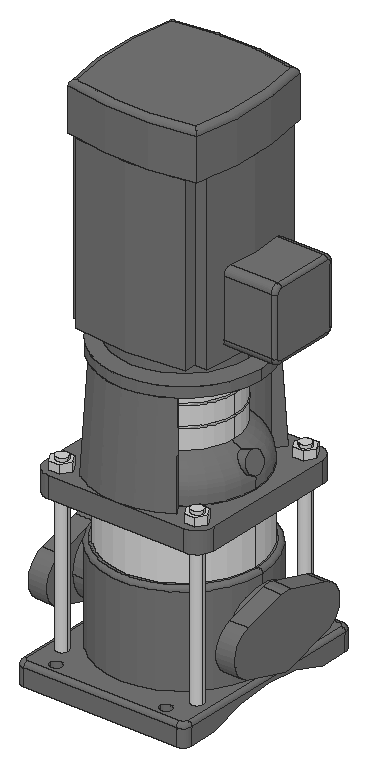
Revit family "TESK_Насос вертикальный с овальными фланцами_SVMT-10", category Оборудование, Revit 2019
Family settings
  Размер круглого соединителя = Использовать диаметр
  Классификация = Насос
  Тип детали = Вставляется
  На основе рабочей плоскости = Нет
  Всегда вертикально = Да
  При загрузке вырезать с полостями = Нет
  Общий = Нет
  Точка расчета площади = Нет
Parameters (values of type "Загрузите каталог типоразмеров TXT")
  Таблица_Поиска = "TESK_SVMT-10 ОФ"  # constant formula
  Производитель_Контакты = "info@teskpump.ru"
  Напор максимальный = 0
  Материал_КорпусУлитка = TESK_Черный_Условный
  Материал_КорпусДвигателя = TESK_Черный_Ребра_Условный
  Материал_2 = TESK_Нержавеющая сталь
  Материал_1 = TESK_Черный_Условный
  Длина_ВспомЛиния = 30 mm  # constant formula
  Высота_Перехода = size_lookup(Таблица_Поиска, "A5", 130 mm, ADSK_Марка)  # 130 mm
  Высота_Корпуса = size_lookup(Таблица_Поиска, "A1", 347 mm, ADSK_Марка)  # 347 mm
  Watermark [instance] = "Модели защищены уникальным кодом"
  URL = "www.teskpump.ru"
  ADSK_Свободный напор жидкости [instance] = 0.0 Pa
  ADSK_Расход жидкости [instance] = 0.0 L/s
  ADSK_Полная мощность = ADSK_Номинальная мощность * ADSK_Коэффициент мощности  # 0 kVA
  ADSK_Номинальная мощность = size_lookup(Таблица_Поиска, "Pow", 0 kW, ADSK_Марка)  # 0 kW
  ADSK_Напряжение = 400 V
  ADSK_Наименование краткое = "Вертикальный многоступенчатый центробежный насос"  # constant formula
  ADSK_Наименование = size_lookup(Таблица_Поиска, "Name", "Не найдено: Насос TESK SVMT-10", ADSK_Марка)  # "Не найдено: Насос TESK SVMT-10"
  ADSK_Масса_Текст = size_lookup(Таблица_Поиска, "mass_t", "Не найдено: Насос TESK SVMT-10", ADSK_Марка)  # "Не найдено: Насос TESK SVMT-10"
  ADSK_Масса = size_lookup(Таблица_Поиска, "mass", 0, ADSK_Марка)  # 0
  ADSK_Марка = "Загрузите каталог типоразмеров TXT"
  ADSK_Коэффициент мощности = 1
  ADSK_Количество фаз числовое = ADSK_Количество фаз  # 3
  ADSK_Количество фаз = if(ADSK_Напряжение = 230 V, 1, 3)  # 3
  ADSK_Количество = 1  # constant formula
  ADSK_Код изделия = size_lookup(Таблица_Поиска, "code", "Не найдено: Насос TESK SVMT-10", ADSK_Марка)  # "Не найдено: Насос TESK SVMT-10"
  ADSK_Классификация нагрузок = Прочее
  ADSK_Завод-изготовитель = "TESK"  # constant formula
  ADSK_Единица измерения = "шт."  # constant formula
  ADSK_Диаметр условный = 40 mm  # constant formula
  ADSK_Версия семейства = "1.0"  # constant formula
  ADSK_Версия Revit = "2019"  # constant formula
  Фланец_Толщина = 22 mm  # constant formula
  УГО_Длина = 244 mm  # constant formula
  Двигатель_Ширина = size_lookup(Таблица_Поиска, "A3", 170 mm, ADSK_Марка)  # 170 mm
  Двигатель_ОтступКоробки = size_lookup(Таблица_Поиска, "A4", 142 mm, ADSK_Марка)  # 142 mm
  Двигатель_Высота = size_lookup(Таблица_Поиска, "A2", 280 mm, ADSK_Марка)  # 280 mm
Reference planes
  plane 1 "По центру (Вперед/Назад)": y = 0
  plane 2: z = 0
  plane 3 "По центру (Влево/Вправо)": x = 0
  plane 4: x = -122
  plane 5: x = 122
  plane 6: x = -100
  plane 7: x = 100
  plane 8: z = -80
  plane 9: z = 267
  plane 10: z = -55
  plane 11: x = -85
  plane 12: z = 137
  plane 13: x = -50
  plane 14: z = 137
  plane 15: z = 112
  plane 16: x = -100
  plane 17: y = 100
  plane 18: x = 100
  plane 19: y = -100
  plane 20: z = 255
  plane 21: z = 182
  plane 22: x = -58
  plane 23: x = -60
  plane 24: z = 206.333
  plane 25: z = 230.667
  plane 26: z = 231.667
  plane 27: z = 229.667
  plane 28: z = 207.333
  plane 29: z = 205.333
  plane 30: z = 250
  plane 31: x = -85
  plane 32: x = -100
  plane 33: x = -92
  plane 34: x = -80
  plane 35: x = 80
  plane 36: y = -80
  plane 37: y = 80
  plane 38: z = 150
  plane 39: x = -100
  plane 40: x = 100
  plane 41: y = 123.5
  plane 42: y = -123.5
  plane 43: x = -65
  plane 44: x = 65
  plane 45: y = -107.5
  plane 46: y = 107.5
  plane 47: z = 40
  plane 48: z = 55
  plane 49: x = -85
  plane 50: x = -93
  plane 51: x = -80
  plane 52: x = 80
  plane 53: y = 80
  plane 54: y = -80
  plane 55: z = 55
  plane 56: z = -60
  plane 57: x = 95
  plane 58: x = 100
  plane 59: x = 85
  plane 60: x = 100
  plane 61: x = 92
  plane 62: z = 188.387
  plane 63: x = -100
  plane 64: x = 100
  plane 65: y = -80
  plane 66: y = 80
  plane 67: x = 55
  plane 68: z = 157
Forms (mm)
  Extrusion 1, solid, material "TESK_Черный_Условный" <- "Материал_КорпусУлитка", detail levels fine
    sketch origin (0, 0, 0) x (0, 1, 0) y (0, 0, 1)
      loop
        circle (0, 0) r 40
    from -100 to 100
  Revolve 2, solid, material "TESK_Черный_Условный" <- "Материал_1", detail levels fine
    sketch origin (0, 0, 0) x (1, 0, 0) y (0, 0, 1)
      loop
        line (0, 255) -> (-50, 255) -> (-50, 188.387)
        spline (-50, 188.387) -> (-51.902, 181.379) -> (-55.88, 179.278) -> (-60.634, 177.07) -> (-65.428, 174.293) -> (-69.591, 171.327) -> (-72.964, 168.449) -> (-75.78, 165.646) -> (-78.487, 162.259) -> (-80.986, 158.355) -> (-82.903, 154.12) -> (-84.356, 148.192) -> (-85, 137)
        line (-85, 137) -> (-85, 112) -> (0, 112) -> (0, 255)
      axis (0, 112) -> (0, 255)
    angle from 0 to 360
  Extrusion 3, solid, material "TESK_Черный_Условный" <- "Материал_1", detail levels fine
    sketch origin (0, 0, 0) x (1, 0, 0) y (0, 1, 0)
      loop
        line (-100, 80) -> (-100, -80)
        arc (-100, -80) -> (-94.142, -94.142) -> (-80, -100) r 20
        line (-80, -100) -> (80, -100)
        arc (80, -100) -> (94.142, -94.142) -> (100, -80) r 20
        line (100, -80) -> (100, 80)
        arc (100, 80) -> (94.142, 94.142) -> (80, 100) r 20
        line (80, 100) -> (-80, 100)
        arc (-80, 100) -> (-94.142, 94.142) -> (-100, 80) r 20
    from 112 to 137
  Revolve 4, solid, material "TESK_Нержавеющая сталь" <- "Материал_2", detail levels fine
    sketch origin (0, 0, 0) x (1, 0, 0) y (0, 0, 1)
      loop
        line (-60, 250) -> (-60, 231.667)
        arc (-60, 231.667) -> (-61, 230.667) -> (-60, 229.667) r 1
        line (-60, 229.667) -> (-60, 207.333)
        arc (-60, 207.333) -> (-61, 206.333) -> (-60, 205.333) r 1
        line (-60, 205.333) -> (-60, 182) -> (-58, 182) -> (-58, 250) -> (-60, 250)
      axis (0, 182) -> (0, 250)
    angle from 0 to 360
  Extrusion 5, solid, material "TESK_Черный_Условный" <- "Материал_1", detail levels fine
    sketch origin (0, 0, 0) x (1, 0, 0) y (0, 1, 0)
      loop
        circle (0, 0) r 92
    from 255 to 267
  Revolve 6, solid, material "TESK_Черный_Условный" <- "Материал_1", detail levels fine
    sketch origin (0, 0, 0) x (1, 0, 0) y (0, 0, 1)
      loop
        line (-85, 255) -> (-92, 255) -> (-100, 137) -> (-85, 137) -> (-85, 255)
      axis (0, 137) -> (0, 255)
    angle from 125 to 55
  Extrusion 7, solid, material "TESK_Нержавеющая сталь" <- "Материал_2", detail levels fine
    sketch origin (0, 0, 0) x (1, 0, 0) y (0, 1, 0)
      loop
        circle (-80, 80) r 7
      loop
        circle (80, 80) r 7
      loop
        circle (-80, -80) r 7
      loop
        circle (80, -80) r 7
    from -55 to 150
  Extrusion 8, solid, material "TESK_Черный_Условный" <- "Материал_1", detail levels fine
    sketch origin (0, 0, 0) x (1, 0, 0) y (0, 1, 0)
      loop
        arc (-90, 123.5) -> (-97.071, 120.571) -> (-100, 113.5) r 10
        line (-100, 113.5) -> (-100, -113.5)
        arc (-100, -113.5) -> (-97.071, -120.571) -> (-90, -123.5) r 10
        line (-90, -123.5) -> (90, -123.5)
        arc (90, -123.5) -> (97.071, -120.571) -> (100, -113.5) r 10
        line (100, -113.5) -> (100, 113.5)
        arc (100, 113.5) -> (97.071, 120.571) -> (90, 123.5) r 10
        line (90, 123.5) -> (-90, 123.5)
    from -80 to -55
  Extrusion 9, void
    sketch origin (0, 0, 0) x (1, 0, 0) y (0, 1, 0)
      loop
        circle (-65, 107.5) r 7
      loop
        circle (65, 107.5) r 7
      loop
        circle (-65, -107.5) r 7
      loop
        circle (65, -107.5) r 7
    from -80 to -55
  Revolve 10, solid, material "TESK_Черный_Условный" <- "Материал_КорпусУлитка", detail levels fine
    sketch origin (0, 0, 0) x (1, 0, 0) y (0, 0, 1)
      loop
        line (-93, -55) -> (0, -55) -> (0, 55) -> (-88, 55)
        arc (-88, 55) -> (-91.536, 53.536) -> (-93, 50) r 5
        line (-93, 50) -> (-93, -55)
      axis (0, -55) -> (0, 55)
    angle from 0 to 360
  Extrusion 11, solid, material "TESK_Нержавеющая сталь" <- "Материал_2", detail levels fine
    sketch origin (0, 0, 0) x (1, 0, 0) y (0, 1, 0)
      loop
        circle (0, 0) r 85
    from 55 to 112
  Sweep 12, void
    path in 3D
      loop
        arc (100, 113.5, -55) -> (97.071, 120.571, -55) -> (90, 123.5, -55) r 10
        line (90, 123.5, -55) -> (-90, 123.5, -55)
        arc (-90, 123.5, -55) -> (-97.071, 120.571, -55) -> (-100, 113.5, -55) r 10
        line (-100, 113.5, -55) -> (-100, -113.5, -55)
        arc (-100, -113.5, -55) -> (-97.071, -120.571, -55) -> (-90, -123.5, -55) r 10
        line (-90, -123.5, -55) -> (90, -123.5, -55)
        arc (90, -123.5, -55) -> (97.071, -120.571, -55) -> (100, -113.5, -55) r 10
        line (100, -113.5, -55) -> (100, 113.5, -55)
    profile origin (100, 0, -55) x (-1, 0, 0) y (0, 0, 1)
      loop
        line (5, 0) -> (0, 0) -> (0, -5)
        arc (0, -5) -> (1.464, -1.464) -> (5, 0) r 5
  Revolve 13, solid, material "TESK_Черный_Условный" <- "Материал_1", detail levels fine
    sketch origin (0, 0, 0) x (-1, 0, 0) y (0, 0, 1)
      loop
        line (-85, 255) -> (-92, 255) -> (-100, 137) -> (-85, 137) -> (-85, 255)
      axis (0, 137) -> (0, 255)
    angle from -125 to -55
  Extrusion 14, void
    sketch origin (0, 0, 0) x (0, 1, 0) y (0, 0, 1)
      loop
        line (-80, -80) -> (80, -80)
        arc (80, -80) -> (0, -63.303) -> (-80, -80) r 200
    from 100 to -100
  Extrusion 15, solid, material "TESK_Черный_Условный" <- "Материал_КорпусУлитка", detail levels fine
    sketch origin (0, 0, 0) x (0, 1, 0) y (0, 0, 1)
      loop
        line (-7.28, 41.486) -> (-56.312, 27.273)
        arc (-56.312, 27.273) -> (-77.26, 0) -> (-56.312, -27.273) r 28.228
        line (-56.312, -27.273) -> (-7.28, -41.486)
        arc (-7.28, -41.486) -> (0, -42.441) -> (7.28, -41.486) r 28.228
        line (7.28, -41.486) -> (56.312, -27.273)
        arc (56.312, -27.273) -> (77.26, 0) -> (56.312, 27.273) r 28.228
        line (56.312, 27.273) -> (7.28, 41.486)
        arc (7.28, 41.486) -> (0, 42.441) -> (-7.28, 41.486) r 28.228
    from 100 to 122
  Extrusion 16, solid, material "TESK_Черный_Условный" <- "Материал_КорпусУлитка", detail levels fine
    sketch origin (0, 0, 0) x (0, 1, 0) y (0, 0, 1)
      loop
        line (-7.28, 41.486) -> (-56.312, 27.273)
        arc (-56.312, 27.273) -> (-77.26, 0) -> (-56.312, -27.273) r 28.228
        line (-56.312, -27.273) -> (-7.28, -41.486)
        arc (-7.28, -41.486) -> (0, -42.441) -> (7.28, -41.486) r 28.228
        line (7.28, -41.486) -> (56.312, -27.273)
        arc (56.312, -27.273) -> (77.26, 0) -> (56.312, 27.273) r 28.228
        line (56.312, 27.273) -> (7.28, 41.486)
        arc (7.28, 41.486) -> (0, 42.441) -> (-7.28, 41.486) r 28.228
    from -100 to -122
  Sweep 17, solid, material "TESK_Черный_Условный" <- "Материал_1", detail levels fine
    path in 3D
      loop
        line (55, 0, 157) -> (83.978, 0, 164.765)
    profile origin (69.489, 0, 160.882) x (-0.258819, 0, 0.965926) y (0, -1, 0)
      loop
        circle (0, 0) r 12.65
Cuts and joins
  Extrusion 9, Sweep 12, Extrusion 14 cuts Extrusion 8
Lines and regions (mm)
  sketch lines
    curve 1: line (100, -113.5, -55) -> (100, 113.5, -55)
    curve 2: arc (90, 123.5, -55) -> (97.071, 120.571, -55) -> (100, 113.5, -55) r 10
    curve 3: line (90, 123.5, -55) -> (-90, 123.5, -55)
    curve 4: arc (-100, 113.5, -55) -> (-97.071, 120.571, -55) -> (-90, 123.5, -55) r 10
    curve 5: line (-100, 113.5, -55) -> (-100, -113.5, -55)
    curve 6: arc (-90, -123.5, -55) -> (-97.071, -120.571, -55) -> (-100, -113.5, -55) r 10
    curve 7: line (-90, -123.5, -55) -> (90, -123.5, -55)
    curve 8: arc (100, -113.5, -55) -> (97.071, -120.571, -55) -> (90, -123.5, -55) r 10
    curve 10: line (55, 0, 157) -> (83.978, 0, 164.765)
  reference lines
    curve 9: line (55, 0, 157) -> (83.978, 0, 164.765)
Dimensions and locks
  locked: plane 3 "По центру (Влево/Вправо)" to plane 4 at 122
  locked: plane 5 to plane 3 "По центру (Влево/Вправо)" at 122
  locked: plane 2 to plane 8 at 80
  locked: plane 10 to plane 8 at 25
  locked: plane 3 "По центру (Влево/Вправо)" to plane 11 at 85
  "Высота_Перехода": plane 9 to plane 12
  locked: plane 3 "По центру (Влево/Вправо)" to plane 13 at 50
  "Высота_Перехода": plane 9 to plane 14
  locked: plane 14 to plane 15 at 25
  equal spacing: plane 16, plane 3 "По центру (Влево/Вправо)", plane 18
  equal spacing: plane 17, plane 1 "По центру (Вперед/Назад)", plane 19
  locked: plane 19 to plane 1 "По центру (Вперед/Назад)" at 100
  locked: plane 16 to plane 3 "По центру (Влево/Вправо)" at 100
  locked: plane 21 to plane 14 at 45
  locked: plane 9 to plane 20 at 12
  locked: plane 3 "По центру (Влево/Вправо)" to plane 22 at 58
  locked: plane 3 "По центру (Влево/Вправо)" to plane 23 at 60
  equal spacing: plane 20, plane 25, plane 24, plane 21
  plane 26 to plane 25 to plane 27 = 1 mm locked, 1 mm locked
  plane 28 to plane 24 to plane 29 = 1 mm locked, 1 mm locked
  locked: plane 20 to plane 30 at 5
  locked: plane 3 "По центру (Влево/Вправо)" to plane 31 at 85
  locked: plane 32 to plane 3 "По центру (Влево/Вправо)" at 100
  locked: plane 3 "По центру (Влево/Вправо)" to plane 33 at 92
  equal spacing: plane 34, plane 3 "По центру (Влево/Вправо)", plane 35
  locked: plane 34 to plane 3 "По центру (Влево/Вправо)" at 80
  equal spacing: plane 37, plane 1 "По центру (Вперед/Назад)", plane 36
  locked: plane 37 to plane 1 "По центру (Вперед/Назад)" at 80
  locked: plane 38 to plane 14 at 13
  equal spacing: plane 39, plane 3 "По центру (Влево/Вправо)", plane 40
  locked: plane 39 to plane 3 "По центру (Влево/Вправо)" at 100
  equal spacing: plane 41, plane 1 "По центру (Вперед/Назад)", plane 42
  locked: plane 41 to plane 1 "По центру (Вперед/Назад)" at 123.5
  equal spacing: plane 43, plane 3 "По центру (Влево/Вправо)", plane 44
  locked: plane 43 to plane 3 "По центру (Влево/Вправо)" at 65
  equal spacing: plane 46, plane 1 "По центру (Вперед/Назад)", plane 45
  locked: plane 46 to plane 1 "По центру (Вперед/Назад)" at 107.5
  locked: plane 3 "По центру (Влево/Вправо)" to plane 49 at 85
  locked: plane 49 to plane 50 at 8
  locked: plane 47 to plane 2 at 40
  locked: plane 48 to plane 47 at 15
  equal spacing: plane 53, plane 1 "По центру (Вперед/Назад)", plane 54
  locked: plane 53 to plane 1 "По центру (Вперед/Назад)" at 80
  equal spacing: plane 51, plane 3 "По центру (Влево/Вправо)", plane 52
  locked: plane 3 "По центру (Влево/Вправо)" to plane 52 at 80
  locked: plane 55 to plane 2 at 55
  "Фланец_Толщина": plane 6 to plane 4
  "Фланец_Толщина": plane 5 to plane 7
  "Высота_Корпуса": plane 9 to plane 8
  locked: plane 10 to plane 56 at 5
  locked: plane 3 "По центру (Влево/Вправо)" to plane 58 at 100
  locked: plane 57 to plane 58 at 5
  locked: plane 60 to plane 3 "По центру (Влево/Вправо)" at 100
  locked: plane 3 "По центру (Влево/Вправо)" to plane 61 at 92
  locked: plane 3 "По центру (Влево/Вправо)" to plane 59 at 85
  locked: plane 62 to plane 12 at 51.387
  equal spacing: plane 64, plane 3 "По центру (Влево/Вправо)", plane 63
  locked: plane 3 "По центру (Влево/Вправо)" to plane 63 at 100
  equal spacing: plane 65, plane 1 "По центру (Вперед/Назад)", plane 66
  locked: plane 65 to plane 1 "По центру (Вперед/Назад)" at 80
  locked: plane 8 to Extrusion 14 sketch curve at 183.303
  equal spacing: Extrusion 15 sketch curve, plane 2, Extrusion 15 sketch curve
  equal spacing: Extrusion 15 sketch curve, plane 1 "По центру (Вперед/Назад)", Extrusion 15 sketch curve
  locked: Extrusion 15 sketch curve to plane 1 "По центру (Вперед/Назад)" at 49.032
  locked: Extrusion 15 sketch curve to plane 2 at 14.213
  equal spacing: Extrusion 16 sketch curve, plane 1 "По центру (Вперед/Назад)", Extrusion 16 sketch curve
  equal spacing: Extrusion 16 sketch curve, plane 2, Extrusion 16 sketch curve
  locked: plane 2 to Extrusion 16 sketch curve at 14.213
  locked: Extrusion 16 sketch curve to plane 1 "По центру (Вперед/Назад)" at 49.032
  locked: plane 67 to plane 3 "По центру (Влево/Вправо)" at 55
  locked: plane 68 to plane 14 at 20
  "Длина_ВспомЛиния": curve 9 to curve 9
  diameter of Extrusion 1 sketch curve = 80 mm
  radius of Extrusion 3 sketch curve = 20 mm  (x4)
  radius of Revolve 4 sketch curve = 1 mm  (x2)
  diameter of Extrusion 5 sketch curve = 184 mm
  diameter of Extrusion 7 sketch curve = 14 mm  (x4)
  radius of Extrusion 8 sketch curve = 10 mm  (x4)
  diameter of Extrusion 9 sketch curve = 14 mm  (x4)
  diameter of Extrusion 11 sketch curve = 170 mm
  radius of Sweep 12 sketch curve = 5 mm
  radius of Revolve 10 sketch curve = 5 mm
  radius of Extrusion 14 sketch curve = 200 mm
  radius of Extrusion 15 sketch curve = 28.228 mm  (x4)
  radius of Extrusion 16 sketch curve = 28.228 mm  (x4)
  diameter of Sweep 17 sketch curve = 25.3 mm
  locked: plane 68 to curve 9 (angle 15.00°)
  aligned and locked: level to plane 2
  aligned and locked: Extrusion 1 to plane 6
  aligned and locked: plane 7 to Extrusion 1
  aligned and locked: plane 9 to nested 1
  aligned and locked: plane 3 "По центру (Влево/Вправо)" to Revolve 2 sketch curve
  aligned and locked: Revolve 2 sketch curve to plane 3 "По центру (Влево/Вправо)"
  aligned and locked: Revolve 2 sketch curve to plane 11
  aligned and locked: plane 12 to Revolve 2 sketch curve
  aligned and locked: Extrusion 3 sketch curve to plane 16
  aligned and locked: Extrusion 3 sketch curve to plane 17
  aligned and locked: Extrusion 3 sketch curve to plane 18
  aligned and locked: Extrusion 3 sketch curve to plane 19
  aligned and locked: plane 14 to Extrusion 3
  aligned and locked: Extrusion 3 to plane 15
  aligned and locked: plane 3 "По центру (Влево/Вправо)" to Revolve 4 sketch curve
  aligned and locked: Revolve 4 sketch curve to plane 23  (x3)
  aligned and locked: Revolve 4 sketch curve to plane 21
  aligned and locked: Revolve 4 sketch curve to plane 22
  aligned and locked: Revolve 4 sketch curve to plane 30
  aligned and locked: Extrusion 5 to plane 20
  aligned and locked: plane 9 to Extrusion 5
  aligned and locked: plane 3 "По центру (Влево/Вправо)" to Revolve 6 sketch curve
  aligned and locked: Revolve 6 sketch curve to plane 31
  aligned and locked: plane 14 to Revolve 6 sketch curve
  aligned and locked: plane 37 to Extrusion 7 sketch curve  (x2)
  aligned and locked: plane 34 to Extrusion 7 sketch curve  (x2)
  aligned and locked: plane 35 to Extrusion 7 sketch curve  (x2)
  aligned and locked: plane 36 to Extrusion 7 sketch curve  (x2)
  aligned and locked: Extrusion 7 to plane 10
  aligned and locked: plane 38 to Extrusion 7
  aligned and locked: Extrusion 8 sketch curve to plane 41
  aligned and locked: Extrusion 8 sketch curve to plane 39
  aligned and locked: Extrusion 8 sketch curve to plane 40
  aligned and locked: Extrusion 8 sketch curve to plane 42
  aligned and locked: plane 8 to Extrusion 8
  aligned and locked: plane 10 to Extrusion 8
  aligned and locked: Revolve 2 sketch curve to plane 20
  aligned and locked: nested 2 to plane 1 "По центру (Вперед/Назад)"
  aligned and locked: nested 2 to plane 3 "По центру (Влево/Вправо)"
  aligned and locked: nested 3 to plane 3 "По центру (Влево/Вправо)"
  aligned and locked: nested 3 to plane 1 "По центру (Вперед/Назад)"
  aligned and locked: plane 2 to nested 3
  aligned and locked: plane 43 to Extrusion 9 sketch curve  (x2)
  aligned and locked: plane 45 to Extrusion 9 sketch curve
  aligned and locked: plane 44 to Extrusion 9 sketch curve  (x2)
  aligned and locked: plane 46 to Extrusion 9 sketch curve  (x2)
  aligned and locked: plane 10 to Extrusion 9
  aligned and locked: Extrusion 9 to plane 8
  aligned and locked: plane 3 "По центру (Влево/Вправо)" to Revolve 10 sketch curve
  aligned and locked: Revolve 10 sketch curve to plane 10
  aligned and locked: Revolve 10 sketch curve to plane 50
  aligned and locked: Revolve 10 sketch curve to plane 48
  aligned and locked: Revolve 10 sketch curve to plane 3 "По центру (Влево/Вправо)"
  aligned and locked: plane 3 "По центру (Влево/Вправо)" to nested 1
  aligned and locked: plane 1 "По центру (Вперед/Назад)" to nested 1
  aligned and locked: nested 4 to plane 53
  aligned and locked: plane 52 to nested 4
  aligned and locked: plane 53 to nested 5
  aligned and locked: plane 51 to nested 5
  aligned and locked: plane 54 to nested 7
  aligned and locked: nested 7 to plane 51
  aligned and locked: nested 6 to plane 54
  aligned and locked: nested 6 to plane 52
  aligned and locked: plane 14 to nested 6
  aligned and locked: nested 4 to plane 14
  aligned and locked: nested 7 to plane 14
  aligned and locked: plane 14 to nested 5
  aligned and locked: Revolve 2 sketch curve to plane 15
  aligned and locked: plane 1 "По центру (Вперед/Назад)" to Extrusion 11 sketch curve
  aligned and locked: plane 3 "По центру (Влево/Вправо)" to Extrusion 11 sketch curve
  aligned and locked: plane 15 to Extrusion 11
  aligned and locked: Extrusion 11 to plane 55
  aligned and locked: plane 10 to Sweep 12 sketch curve
  aligned and locked: plane 58 to Sweep 12 sketch curve
  aligned and locked: Revolve 2 sketch curve to plane 13
  aligned and locked: Revolve 6 sketch curve to plane 20
  aligned and locked: plane 33 to Revolve 6 sketch curve
  aligned and locked: Revolve 13 sketch curve to plane 59
  aligned and locked: Revolve 13 sketch curve to plane 60
  aligned and locked: Revolve 13 sketch curve to plane 14
  aligned and locked: Revolve 13 sketch curve to plane 20
  aligned and locked: plane 62 to Revolve 2 sketch curve
  aligned and locked: plane 32 to Revolve 6 sketch curve
  aligned and locked: plane 61 to Revolve 13 sketch curve
  aligned and locked: Extrusion 14 sketch curve to plane 8
  aligned and locked: plane 65 to Extrusion 14 sketch curve
  aligned and locked: plane 66 to Extrusion 14 sketch curve
  aligned and locked: Extrusion 14 to plane 64
  aligned and locked: Extrusion 14 to plane 63
  aligned and locked: plane 2 to Extrusion 15 sketch curve  (x2)
  aligned and locked: plane 1 "По центру (Вперед/Назад)" to Extrusion 15 sketch curve  (x2)
  aligned and locked: Extrusion 15 to plane 7
  aligned and locked: plane 5 to Extrusion 15
  aligned and locked: plane 1 "По центру (Вперед/Назад)" to Extrusion 16 sketch curve  (x2)
  aligned and locked: plane 2 to Extrusion 16 sketch curve  (x2)
  aligned and locked: Extrusion 16 to plane 6
  aligned and locked: Extrusion 16 to plane 4
  aligned and locked: plane 68 to curve 9
  aligned and locked: plane 67 to curve 9
Automatic sketch dimensions
  Extrusion 1 sketch curve to level = 0 mm
  Extrusion 1 sketch curve to plane 1 "По центру (Вперед/Назад)" = 0 mm
  Revolve 4 sketch curve to plane 29 = 0 mm
  Revolve 4 sketch curve to plane 27 = 0 mm
  Revolve 4 sketch curve to plane 21 = 10 mm
  plane 38 to Revolve 4 sketch curve = 2 mm
  plane 1 "По центру (Вперед/Назад)" to Extrusion 5 sketch curve = 0 mm
  Extrusion 5 sketch curve to plane 3 "По центру (Влево/Вправо)" = 0 mm
  Extrusion 9 sketch curve to plane 45 = 0 mm
  Sweep 12 sketch curve to profile plane = 0 mm
  Sweep 12 sketch curve to plane 57 = 0 mm
  Sweep 12 sketch curve to plane 56 = 0 mm  (x2)
  Revolve 6 sketch curve to plane 21 = 7.057 mm
  Revolve 13 sketch curve to plane 3 "По центру (Влево/Вправо)" = 0 mm
  plane 21 to Revolve 13 sketch curve = 7.057 mm
  Revolve 10 sketch curve to Revolve 10 sketch curve = 27 mm
  Revolve 10 sketch curve to plane 15 = 10 mm
  Extrusion 15 sketch curve to Extrusion 15 sketch curve = 0 mm
  Extrusion 15 sketch curve to Extrusion 15 sketch curve = 7.28 mm  (x5)
  Extrusion 15 sketch curve to Extrusion 15 sketch curve = 14.213 mm
  Extrusion 15 sketch curve to plane 55 = 13.514 mm
  Extrusion 16 sketch curve to Extrusion 16 sketch curve = 0 mm
  Extrusion 16 sketch curve to Extrusion 16 sketch curve = 7.28 mm  (x5)
  Extrusion 16 sketch curve to Extrusion 16 sketch curve = 14.56 mm
  Extrusion 16 sketch curve to plane 1 "По центру (Вперед/Назад)" = 7.28 mm
  plane 38 to Revolve 6 sketch curve = 5 mm
  Revolve 13 sketch curve to plane 38 = 5 mm
  Sweep 17 sketch curve to profile plane = 0 mm
  profile plane to Sweep 17 sketch curve = 0 mm
  Revolve 2 sketch curve to plane 15 = 8 mm
  Revolve 2 sketch curve to Revolve 2 sketch curve = 2 mm
Nested families
  nested 1: "Электродвигатель" at (0, 0, 267), Высота_Двигателя <- "Двигатель_Высота", Отступ_Коробка <- "Двигатель_ОтступКоробки", Ширина_Двигателя <- "Двигатель_Ширина", ADSK_Материал <- "Материал_1", Материал_Корпуса <- "Материал_КорпусДвигателя", type "Электродвигатель", detail levels fine
    with Ширина_Коробки 85 mm, Ширина_Двигателя 170 mm, Отступ_Коробка 142 mm, Материал_Корпуса TESK_Черный_Ребра_Условный, Высота_Двигателя 280 mm, r_Крышка 6.8 mm, r_Коробка 8.5 mm, r2_Коробка 4.25 mm, r2 76.5 mm, r1 62.9 mm, h4 14 mm, h3 56 mm, h2 16.8 mm, h1 5.6 mm, a 20.4 mm, R 323 mm, ADSK_Материал TESK_Черный_Условный
  nested 2: "Вл_УГО_Насос_2D" at (0, 0, 0) x (-1, 0, 0) z (0, 0, 1), L_УГО <- "УГО_Длина", type "Вл_УГО_Насос_2D", detail levels coarse+medium
    with L_УГО 244 mm
  nested 3: "Вл_УГО_Насос_3D" at (0, 0, 0) x (-1, 0, 0) z (0, -1, 0), L_УГО <- "УГО_Длина", type "Вл_УГО_Насос_3D", detail levels coarse+medium
    with L_УГО 244 mm
  nested 4: "Гайка_Условная" at (80, 80, 137), Материал1 <- "Материал_2", type "Гайка_Условная", detail levels fine
    with Толщина_Гайка 10 mm, Материал1 TESK_Нержавеющая сталь, S_Гайка 22 mm, D_Вн 14 mm
  nested 5: "Гайка_Условная" at (-80, 80, 137) x (-1, 0, 0) z (0, 0, 1), Материал1 <- "Материал_2", type "Гайка_Условная", detail levels fine
    with Толщина_Гайка 10 mm, Материал1 TESK_Нержавеющая сталь, S_Гайка 22 mm, D_Вн 14 mm
  nested 6: "Гайка_Условная" at (80, -80, 137), Материал1 <- "Материал_2", type "Гайка_Условная", detail levels fine
    with Толщина_Гайка 10 mm, Материал1 TESK_Нержавеющая сталь, S_Гайка 22 mm, D_Вн 14 mm
  nested 7: "Гайка_Условная" at (-80, -80, 137) x (-1, 0, 0) z (0, 0, 1), Материал1 <- "Материал_2", type "Гайка_Условная", detail levels fine
    with Толщина_Гайка 10 mm, Материал1 TESK_Нержавеющая сталь, S_Гайка 22 mm, D_Вн 14 mm
Connectors
  electrical at (0, 0, 491), driven by "ADSK_Количество фаз", driven by "ADSK_Классификация нагрузок", driven by "ADSK_Напряжение", driven by "ADSK_Полная мощность", driven by "ADSK_Коэффициент мощности"
    settings: on nested 1, index 1, voltage 400 V, apparent load 0 kVA, apparent load phase1 0 kVA, apparent load phase2 0 kVA, apparent load phase3 0 kVA, power factor 1, load classification "Прочее", number of poles 3, system type 30, power factor state 1, is connector primary yes, connector utility no, sub classification motor no, connector description ""
  piping at (122, 0, 0), diameter 40, driven by "ADSK_Диаметр условный", driven by "ADSK_Расход жидкости"
    settings: on Extrusion 15, index 2, connector inside diameter 609.6 mm, connector length 0 mm, flow factor 0, pipe flow 0.0 L/s, pressure drop 0.0 Pa, fitting loss kfactor 0, connector angle 0.00°, fixture units 0, engagement length 0 mm, angle of deflection 0.00°, flow configuration 0, flow direction 2, fitting loss method 0, system type 29, joint type 0, gender type 0, connector reference index 3, connector utility 0, adjustable connector no, is connector primary yes, connector description ""
  piping at (-122, 0, 0), diameter 40, driven by "ADSK_Диаметр условный", driven by "ADSK_Расход жидкости"
    settings: on Extrusion 16, index 3, connector inside diameter 609.6 mm, connector length 0 mm, flow factor 0, pipe flow 0.0 L/s, pressure drop 0.0 Pa, fitting loss kfactor 0, connector angle 0.00°, fixture units 0, engagement length 0 mm, angle of deflection 0.00°, flow configuration 0, flow direction 1, fitting loss method 0, system type 29, joint type 0, gender type 0, connector reference index 2, connector utility 0, adjustable connector no, is connector primary no, connector description ""
Definition of nested family "Электродвигатель"
  Parameters (values of type "Электродвигатель")
    Ширина_Коробки [instance] = Ширина_Двигателя * 0.5  # 74 mm
    Ширина_Двигателя [instance] = 148 mm
    Отступ_Коробка [instance] = 117 mm
    Материал_Корпуса [instance] = none
    Высота_Двигателя [instance] = 239 mm
    r_Крышка [instance] = Ширина_Двигателя * 0.04  # 5.92 mm
    r_Коробка [instance] = Ширина_Коробки * 0.1  # 7.4 mm
    r2_Коробка [instance] = Ширина_Коробки * 0.05  # 3.7 mm
    r2 [instance] = Ширина_Двигателя * 0.45  # 66.6 mm
    r1 [instance] = Ширина_Двигателя * 0.37  # 54.76 mm
    h4 [instance] = Высота_Двигателя * 0.05  # 11.95 mm
    h3 [instance] = Высота_Двигателя * 0.2  # 47.8 mm
    h2 [instance] = Высота_Двигателя * 0.06  # 14.34 mm
    h1 [instance] = Высота_Двигателя * 0.02  # 4.78 mm
    a [instance] = Ширина_Двигателя * 0.12  # 17.76 mm
    R [instance] = Ширина_Двигателя * 1.9  # 281.2 mm
    ADSK_Материал [instance] = none
  Reference planes
    plane 1 "По центру (Вперед/Назад)": y = 0
    plane 2: z = 0
    plane 3 "По центру (Влево/Вправо)": x = 0
    plane 4: z = 239
    plane 5: x = -74
    plane 6: x = 74
    plane 7: x = 117
    plane 8: y = 74
    plane 9: y = -74
    plane 10: z = 4.78
    plane 11: z = 19.12
    plane 12: z = 191.2
    plane 13: x = -56.24
    plane 14: y = -56.24
    plane 15: y = 56.24
    plane 16: x = -56.24
    plane 17: x = 56.24
    plane 18: y = 56.24
    plane 19: x = 56.24
    plane 20: y = -56.24
    plane 21: x = -66.6
    plane 22: x = -54.76
    plane 23: x = 207.2
    plane 24: x = -207.2
    plane 25: y = -207.2
    plane 26: y = 207.2
    plane 27: x = 207.2
    plane 28: y = -207.2
    plane 29: x = -207.2
    plane 30: y = 207.2
    plane 31: y = 68.08
    plane 32: z = 233.08
    plane 33: z = 31.07
    plane 34: z = 105.07
    plane 35: y = -37
    plane 36: y = 37
    plane 37: x = 113.3
    plane 38: z = 101.37
  Forms (mm)
    Extrusion 1, solid, material <- "Материал_Корпуса"
      sketch origin (0, 0, 0) x (1, 0, 0) y (0, 1, 0)
        loop
          arc (-68.319, 56.24) -> (-74, 0) -> (-68.319, -56.24) r 281.2
          line (-68.319, -56.24) -> (-56.24, -56.24) -> (-56.24, -68.319)
          arc (-56.24, -68.319) -> (0, -74) -> (56.24, -68.319) r 281.2
          line (56.24, -68.319) -> (56.24, -56.24) -> (68.319, -56.24)
          arc (68.319, -56.24) -> (74, 0) -> (68.319, 56.24) r 281.2
          line (68.319, 56.24) -> (56.24, 56.24) -> (56.24, 68.319)
          arc (56.24, 68.319) -> (0, 74) -> (-56.24, 68.319) r 281.2
          line (-56.24, 68.319) -> (-56.24, 56.24) -> (-68.319, 56.24)
      from 19.12 to 191.2
    Revolve 2, solid, material <- "ADSK_Материал"
      sketch origin (0, 0, 0) x (1, 0, 0) y (0, 0, 1)
        loop
          line (-66.6, 19.12) -> (-66.6, 4.78) -> (-54.76, 4.78) -> (-54.76, 0) -> (0, 0) -> (0, 19.12) -> (-66.6, 19.12)
        axis (0, 0) -> (0, 19.12)
      angle from 0 to 360
    Extrusion 3, solid, material <- "ADSK_Материал"
      sketch origin (0, 0, 0) x (1, 0, 0) y (0, 1, 0)
        loop
          arc (-66.117, 66.117) -> (-74, 0) -> (-66.117, -66.117) r 281.2
          arc (-66.117, -66.117) -> (0, -74) -> (66.117, -66.117) r 281.2
          arc (66.117, -66.117) -> (74, 0) -> (66.117, 66.117) r 281.2
          arc (66.117, 66.117) -> (0, 74) -> (-66.117, 66.117) r 281.2
      from 191.2 to 239
    Sweep 4, void
      path in 3D
        loop
          arc (66.117, 66.117, 239) -> (74, 0, 239) -> (66.117, -66.117, 239) r 281.2
          arc (66.117, -66.117, 239) -> (0, -74, 239) -> (-66.117, -66.117, 239) r 281.2
          arc (-66.117, -66.117, 239) -> (-74, 0, 239) -> (-66.117, 66.117, 239) r 281.2
          arc (-66.117, 66.117, 239) -> (0, 74, 239) -> (66.117, 66.117, 239) r 281.2
      profile origin (0, 74, 239) x (0, 1, 0) y (0, 0, 1)
        loop
          line (0, 0) -> (-5.92, 0)
          arc (-5.92, 0) -> (-1.734, -1.734) -> (0, -5.92) r 5.92
          line (0, -5.92) -> (0, 0)
    Extrusion 5, solid, material <- "ADSK_Материал"
      sketch origin (0, 0, 0) x (0, 1, 0) y (0, 0, 1)
        loop
          line (-29.6, 31.07) -> (29.6, 31.07)
          arc (29.6, 31.07) -> (34.833, 33.237) -> (37, 38.47) r 7.4
          line (37, 38.47) -> (37, 97.67)
          arc (37, 97.67) -> (34.833, 102.903) -> (29.6, 105.07) r 7.4
          line (29.6, 105.07) -> (-29.6, 105.07)
          arc (-29.6, 105.07) -> (-34.833, 102.903) -> (-37, 97.67) r 7.4
          line (-37, 97.67) -> (-37, 38.47)
          arc (-37, 38.47) -> (-34.833, 33.237) -> (-29.6, 31.07) r 7.4
      from 0 to 117
    Sweep 6, void
      path in 3D
        loop
          arc (117, -29.6, 105.07) -> (117, -34.833, 102.903) -> (117, -37, 97.67) r 7.4
          line (117, -37, 97.67) -> (117, -37, 38.47)
          arc (117, -37, 38.47) -> (117, -34.833, 33.237) -> (117, -29.6, 31.07) r 7.4
          line (117, -29.6, 31.07) -> (117, 29.6, 31.07)
          arc (117, 29.6, 31.07) -> (117, 34.833, 33.237) -> (117, 37, 38.47) r 7.4
          line (117, 37, 38.47) -> (117, 37, 97.67)
          arc (117, 37, 97.67) -> (117, 34.833, 102.903) -> (117, 29.6, 105.07) r 7.4
          line (117, 29.6, 105.07) -> (117, -29.6, 105.07)
      profile origin (117, 0, 105.07) x (1, 0, 0) y (0, 0, 1)
        loop
          arc (-3.7, 0) -> (-1.084, -1.084) -> (0, -3.7) r 3.7
          line (0, -3.7) -> (0, 0) -> (-3.7, 0)
  Cuts and joins
    Sweep 4 cuts Extrusion 3
    Sweep 6 cuts Extrusion 5
  Lines and regions (mm)
    sketch lines
      curve 1: arc (-66.117, 66.117, 239) -> (0, 74, 239) -> (66.117, 66.117, 239) r 281.2
      curve 2: arc (66.117, 66.117, 239) -> (74, 0, 239) -> (66.117, -66.117, 239) r 281.2
      curve 3: arc (66.117, -66.117, 239) -> (0, -74, 239) -> (-66.117, -66.117, 239) r 281.2
      curve 4: arc (-66.117, -66.117, 239) -> (-74, 0, 239) -> (-66.117, 66.117, 239) r 281.2
      curve 5: line (117, 29.6, 105.07) -> (117, -29.6, 105.07)
      curve 6: arc (117, 29.6, 105.07) -> (117, 34.833, 102.903) -> (117, 37, 97.67) r 7.4
      curve 7: line (117, 37, 38.47) -> (117, 37, 97.67)
      curve 8: arc (117, 37, 38.47) -> (117, 34.833, 33.237) -> (117, 29.6, 31.07) r 7.4
      curve 9: line (117, -29.6, 31.07) -> (117, 29.6, 31.07)
      curve 10: arc (117, -29.6, 31.07) -> (117, -34.833, 33.237) -> (117, -37, 38.47) r 7.4
      curve 11: line (117, -37, 97.67) -> (117, -37, 38.47)
      curve 12: arc (117, -37, 97.67) -> (117, -34.833, 102.903) -> (117, -29.6, 105.07) r 7.4
  Dimensions and locks
    "Высота_Двигателя": plane 4 to plane 2
    equal spacing: plane 6, plane 3 "По центру (Влево/Вправо)", plane 5
    "Ширина_Двигателя": plane 6 to plane 5
    "Отступ_Коробка": plane 7 to plane 3 "По центру (Влево/Вправо)"
    equal spacing: plane 8, plane 1 "По центру (Вперед/Назад)", plane 9
    "Ширина_Двигателя": plane 8 to plane 9
    "a": plane 5 to plane 13
    "a": plane 14 to plane 9
    "a": plane 19 to plane 6
    "a": plane 20 to plane 9
    "a": plane 17 to plane 6
    "a": plane 8 to plane 18
    "a": plane 8 to plane 15
    "a": plane 5 to plane 16
    "r1": plane 3 "По центру (Влево/Вправо)" to plane 22
    "r2": plane 3 "По центру (Влево/Вправо)" to plane 21
    "h1": plane 10 to plane 2
    "h2": plane 11 to plane 10
    "h3": plane 4 to plane 12
    "R": plane 8 to plane 25
    "R": plane 5 to plane 23
    "R": plane 26 to plane 9
    "R": plane 24 to plane 6
    "R": plane 30 to plane 9
    "R": plane 8 to plane 28
    "R": plane 29 to plane 6
    "R": plane 5 to plane 27
    "r_Крышка": plane 8 to plane 31
    "r_Крышка": plane 4 to plane 32
    "h4": plane 33 to plane 11
    "Ширина_Коробки": plane 34 to plane 33
    equal spacing: plane 35, plane 1 "По центру (Вперед/Назад)", plane 36
    "Ширина_Коробки": plane 35 to plane 36
    "r2_Коробка": plane 7 to plane 37
    "r2_Коробка": plane 34 to plane 38
    "R": radius of Extrusion 1 sketch curve  (x4)
    "R": radius of Extrusion 3 sketch curve  (x4)
    "r_Крышка": radius of Sweep 4 sketch curve
    "r_Коробка": radius of Extrusion 5 sketch curve  (x4)
    "r2_Коробка": radius of Sweep 6 sketch curve
    aligned and locked: level to plane 2
    aligned and locked: Extrusion 1 sketch curve to plane 16
    aligned and locked: Extrusion 1 sketch curve to plane 17
    aligned and locked: Extrusion 1 sketch curve to plane 18
    aligned and locked: Extrusion 1 sketch curve to plane 20
    aligned and locked: Extrusion 1 sketch curve to plane 19
    aligned and locked: Extrusion 1 sketch curve to plane 13
    aligned and locked: Extrusion 1 sketch curve to plane 14
    aligned and locked: plane 12 to Extrusion 1
    aligned and locked: Extrusion 1 to plane 11
    aligned and locked: plane 3 "По центру (Влево/Вправо)" to Revolve 2 sketch curve
    aligned and locked: Revolve 2 sketch curve to plane 11
    aligned and locked: Revolve 2 sketch curve to plane 3 "По центру (Влево/Вправо)"
    aligned and locked: Revolve 2 sketch curve to level
    aligned and locked: Revolve 2 sketch curve to plane 21
    aligned and locked: Revolve 2 sketch curve to plane 22
    aligned and locked: Revolve 2 sketch curve to plane 10
    aligned and locked: plane 23 to Extrusion 1 sketch curve
    aligned and locked: plane 1 "По центру (Вперед/Назад)" to Extrusion 1 sketch curve  (x2)
    aligned and locked: plane 25 to Extrusion 1 sketch curve
    aligned and locked: plane 3 "По центру (Влево/Вправо)" to Extrusion 1 sketch curve  (x2)
    aligned and locked: plane 24 to Extrusion 1 sketch curve
    aligned and locked: plane 26 to Extrusion 1 sketch curve
    aligned and locked: plane 28 to Extrusion 3 sketch curve
    aligned and locked: plane 3 "По центру (Влево/Вправо)" to Extrusion 3 sketch curve  (x2)
    aligned and locked: plane 1 "По центру (Вперед/Назад)" to Extrusion 3 sketch curve  (x2)
    aligned and locked: plane 29 to Extrusion 3 sketch curve
    aligned and locked: plane 30 to Extrusion 3 sketch curve
    aligned and locked: plane 27 to Extrusion 3 sketch curve
    aligned and locked: plane 4 to Extrusion 3
    aligned and locked: Extrusion 3 to plane 12
    aligned and locked: profile plane to Sweep 4 sketch curve  (x2)
    aligned and locked: Extrusion 5 sketch curve to plane 33
    aligned and locked: Extrusion 5 sketch curve to plane 35
    aligned and locked: Extrusion 5 sketch curve to plane 34
    aligned and locked: Extrusion 5 sketch curve to plane 36
    aligned and locked: Extrusion 5 to plane 3 "По центру (Влево/Вправо)"
    aligned and locked: plane 7 to Extrusion 5
    aligned and locked: Sweep 6 sketch curve to plane 34
    aligned and locked: Sweep 6 sketch curve to plane 7
    aligned and locked: plane 37 to Sweep 6 sketch curve
    aligned and locked: plane 38 to Sweep 6 sketch curve
  Automatic sketch dimensions
    Extrusion 1 sketch curve to plane 15 = 0 mm
    plane 10 to Revolve 2 sketch curve = 5 mm
    Revolve 2 sketch curve to plane 11 = 0.698 mm
    Sweep 4 sketch curve to plane 31 = 0 mm  (x2)
    Sweep 4 sketch curve to plane 32 = 0 mm  (x2)
    Sweep 6 sketch curve to plane 37 = 0 mm
    Sweep 6 sketch curve to plane 38 = 0 mm
Definition of nested family "Вл_УГО_Насос_3D"
  Parameters (values of type "Вл_УГО_Насос_3D")
    L_УГО [instance] = 490 mm
    D = 200 mm  # constant formula
  Reference planes
    plane 1 "По центру (Вперед/Назад)": y = 0
    plane 2: z = 0
    plane 3 "По центру (Влево/Вправо)": x = 0
    plane 4: x = -245
    plane 5: x = 245
    plane 6: z = -1
    plane 7: z = 1
    plane 8: z = 0.5
    plane 9: z = -0.5
  Forms (mm)
    Extrusion 1, solid
      sketch origin (0, 0, 0) x (1, 0, 0) y (0, 1, 0)
        loop
          circle (0, 0) r 100
      from -0.5 to 0.5
    Extrusion 2, solid
      sketch origin (0, 0, 0) x (1, 0, 0) y (0, 1, 0)
        loop
          line (-100, 0) -> (50, -86.603) -> (50, 86.603) -> (-100, 0)
      from -1 to 1
  Lines and regions (mm)
    model lines
      curve 1: line (-245, 0, 0) -> (-100, 0, 0)
      curve 2: line (100, 0, 0) -> (245, 0, 0)
  Dimensions and locks
    equal spacing: plane 4, plane 3 "По центру (Влево/Вправо)", plane 5
    plane 7 to level to plane 6 = 1 mm locked, 1 mm locked
    plane 8 to level = 0.5 mm
    level to plane 9 = 0.5 mm
    "L_УГО": plane 4 to plane 5
    "D": diameter of Extrusion 1 sketch curve
    aligned and locked: level to plane 2
    aligned and locked: plane 3 "По центру (Влево/Вправо)" to Extrusion 1 sketch curve
    aligned and locked: plane 1 "По центру (Вперед/Назад)" to Extrusion 1 sketch curve
    aligned and locked: plane 8 to Extrusion 1
    aligned and locked: Extrusion 1 to plane 9
    aligned and locked: Extrusion 2 to plane 6
    aligned and locked: plane 7 to Extrusion 2
    aligned and locked: plane 1 "По центру (Вперед/Назад)" to curve 1
    aligned and locked: plane 4 to curve 1
    aligned and locked: plane 5 to curve 2
  Automatic sketch dimensions
    plane 1 "По центру (Вперед/Назад)" to Extrusion 2 sketch curve = 0 mm
    plane 3 "По центру (Влево/Вправо)" to Extrusion 2 sketch curve = 50 mm
    plane 1 "По центру (Вперед/Назад)" to Extrusion 2 sketch curve = 86.603 mm
    Extrusion 2 sketch curve to plane 1 "По центру (Вперед/Назад)" = 86.603 mm
    Extrusion 2 sketch curve to plane 3 "По центру (Влево/Вправо)" = 100 mm
    plane 1 "По центру (Вперед/Назад)" to curve 1 = 0 mm
    plane 1 "По центру (Вперед/Назад)" to curve 2 = 0 mm
    curve 1 to plane 3 "По центру (Влево/Вправо)" = 100 mm
    plane 3 "По центру (Влево/Вправо)" to curve 2 = 100 mm
Definition of nested family "Гайка_Условная"
  Parameters (values of type "Гайка_Условная")
    Толщина_Гайка [instance] = 10 mm
    Материал1 [instance] = none
    S_Гайка [instance] = 15 mm
    D_Вн [instance] = 10 mm
  Reference planes
    plane 1 "По центру (Вперед/Назад)": y = 0
    plane 2: z = 0
    plane 3 "По центру (Влево/Вправо)": x = 0
    plane 4: z = 10
  Forms (mm)
    Extrusion 1, solid, material <- "Материал1"
      sketch origin (0, 0, 0) x (1, 0, 0) y (0, 1, 0)
        loop
          line (8.66, 0) -> (4.33, 7.5) -> (-4.33, 7.5) -> (-8.66, 0) -> (-4.33, -7.5) -> (4.33, -7.5) -> (8.66, 0)
        loop
          circle (0, 0) r 5
      from 0 to 10
  Dimensions and locks
    equal spacing: Extrusion 1 sketch curve, plane 3 "По центру (Влево/Вправо)", Extrusion 1 sketch curve  (x3)
    "S_Гайка": Extrusion 1 sketch curve to Extrusion 1 sketch curve  (x3)
    "Толщина_Гайка": plane 4 to plane 2
    "D_Вн": diameter of Extrusion 1 sketch curve
    locked: Extrusion 1 sketch curve to Extrusion 1 sketch curve (angle 120.00°)  (x3)
    aligned and locked: level to plane 2
    aligned and locked: plane 1 "По центру (Вперед/Назад)" to Extrusion 1 sketch curve
    aligned and locked: plane 3 "По центру (Влево/Вправо)" to Extrusion 1 sketch curve
    aligned and locked: plane 4 to Extrusion 1
    aligned and locked: Extrusion 1 to plane 2
Definition of nested family "Вл_УГО_Насос_2D"
  Parameters (values of type "Вл_УГО_Насос_2D")
    L_УГО [instance] = 250 mm
    D = 200 mm  # constant formula
  Reference planes
    plane 1 "По центру (Вперед/Назад)": y = 0
    plane 2: z = 0
    plane 3 "По центру (Влево/Вправо)": x = 0
    plane 4: x = -125
    plane 5: x = 125
    plane 6: x = -100
    plane 7: x = 100
    plane 8: x = -100, in view "Опорный уровень"
  Lines and regions (mm)
    Filled region 1, type "Сплошная заливка - Черный", in view "Опорный уровень"
      outline origin (0, 0, 0) x (1, 0, 0) y (0, 1, 0)
        loop
          line (-100, 0) -> (50, -86.603) -> (50, 86.603) -> (-100, 0)
    detail lines, in view "Опорный уровень"
      curve 1: line (-125, 0, 0) -> (-100, 0, 0)
      curve 2: line (100, 0, 0) -> (125, 0, 0)
      curve 3: circle (0, 0, 0) r 100 normal (0, 0, 1)
  Dimensions and locks
    "L_УГО": plane 4 to plane 5
    equal spacing: plane 4, plane 3 "По центру (Влево/Вправо)", plane 5
    locked: plane 8 to plane 3 "По центру (Влево/Вправо)" at 100
    equal spacing: plane 6, plane 3 "По центру (Влево/Вправо)", plane 7
    "D": plane 6 to plane 7
    "D": diameter of curve 3
    aligned and locked: plane 4 to curve 1
    aligned and locked: plane 5 to curve 2
    aligned and locked: plane 1 "По центру (Вперед/Назад)" to curve 1
    aligned and locked: plane 8 to Filled region 1 sketch curve
    aligned and locked: plane 6 to curve 1
    aligned and locked: plane 7 to curve 2
    aligned and locked: plane 3 "По центру (Влево/Вправо)" to curve 3
    aligned and locked: plane 1 "По центру (Вперед/Назад)" to curve 3
  Automatic sketch dimensions
    plane 1 "По центру (Вперед/Назад)" to Filled region 1 sketch curve = 0 mm
    plane 3 "По центру (Влево/Вправо)" to Filled region 1 sketch curve = 50 mm
    plane 1 "По центру (Вперед/Назад)" to Filled region 1 sketch curve = 86.603 mm
    Filled region 1 sketch curve to plane 1 "По центру (Вперед/Назад)" = 86.603 mm
    plane 1 "По центру (Вперед/Назад)" to curve 2 = 0 mm
Types in the file's own list only (15): name | Напор максимальный | Длина_ВспомЛиния | Высота_Перехода | Высота_Корпуса | ADSK_Полная мощность | ADSK_Номинальная мощность | ADSK_Напряжение | ADSK_Наименование | ADSK_Масса_Текст | ADSK_Масса | ADSK_Марка | ADSK_Код изделия | ADSK_Диаметр условный | Фланец_Толщина | УГО_Длина | Двигатель_Ширина | Двигатель_ОтступКоробки | Двигатель_Высота
  SVMT 10-2 0.75kW 3x380V 50Hz IE3 | 18.5 | 30 мм | 130 мм | 347 мм | 1 кВ·А | 1 кВт | 400 В | "Вертикальный многоступенчатый центробежный насос SVMT, DN40, Hmax=18.5м (3x380V 50Hz IE3)" | "32" | 32 | "SVMT 10-2 0.75kW 3x380V 50Hz IE3" | "7710-20003380NF" | 40 мм | 22 мм | 244 мм | 170 мм | 142 мм | 280 мм
  SVMT 10-3 1.1kW 3x380V 50Hz IE3 | 30 | 30 мм | 130 мм | 377 мм | 1 кВ·А | 1 кВт | 400 В | "Вертикальный многоступенчатый центробежный насос SVMT, DN40, Hmax=30м (3x380V 50Hz IE3)" | "34" | 34 | "SVMT 10-3 1.1kW 3x380V 50Hz IE3" | "7710-30003380NF" | 40 мм | 22 мм | 244 мм | 170 мм | 142 мм | 280 мм
  SVMT 10-4 1.5kW 3x380V 50Hz IE3 | 40.5 | 30 мм | 150 мм | 417 мм | 2 кВ·А | 2 кВт | 400 В | "Вертикальный многоступенчатый центробежный насос SVMT, DN40, Hmax=40.5м (3x380V 50Hz IE3)" | "40" | 40 | "SVMT 10-4 1.5kW 3x380V 50Hz IE3" | "7710-40003380NF" | 40 мм | 22 мм | 244 мм | 190 мм | 155 мм | 333 мм
  SVMT 10-5 2.2kW 3x380V 50Hz IE3 | 50 | 30 мм | 150 мм | 447 мм | 2 кВ·А | 2 кВт | 400 В | "Вертикальный многоступенчатый центробежный насос SVMT, DN40, Hmax=50м (3x380V 50Hz IE3)" | "44" | 44 | "SVMT 10-5 2.2kW 3x380V 50Hz IE3" | "7710-50003380NF" | 40 мм | 22 мм | 244 мм | 190 мм | 155 мм | 333 мм
  SVMT 10-6 2.2kW 3x380V 50Hz IE3 | 60 | 30 мм | 150 мм | 477 мм | 2 кВ·А | 2 кВт | 400 В | "Вертикальный многоступенчатый центробежный насос SVMT, DN40, Hmax=60м (3x380V 50Hz IE3)" | "45" | 45 | "SVMT 10-6 2.2kW 3x380V 50Hz IE3" | "7710-60003380NF" | 40 мм | 22 мм | 244 мм | 190 мм | 155 мм | 333 мм
  SVMT 10-7 3kW 3x380V 50Hz IE3 | 70.5 | 30 мм | 170 мм | 517 мм | 3 кВ·А | 3 кВт | 400 В | "Вертикальный многоступенчатый центробежный насос SVMT, DN40, Hmax=70.5м (3x380V 50Hz IE3)" | "52" | 52 | "SVMT 10-7 3kW 3x380V 50Hz IE3" | "7710-70003380NF" | 40 мм | 22 мм | 244 мм | 197 мм | 165 мм | 348 мм
  SVMT 10-8 3kW 3x380V 50Hz IE3 | 81 | 30 мм | 170 мм | 547 мм | 3 кВ·А | 3 кВт | 400 В | "Вертикальный многоступенчатый центробежный насос SVMT, DN40, Hmax=81м (3x380V 50Hz IE3)" | "53" | 53 | "SVMT 10-8 3kW 3x380V 50Hz IE3" | "7710-80003380NF" | 40 мм | 22 мм | 244 мм | 197 мм | 165 мм | 348 мм
  SVMT 10-9 3kW 3x380V 50Hz IE3 | 91 | 30 мм | 170 мм | 577 мм | 3 кВ·А | 3 кВт | 400 В | "Вертикальный многоступенчатый центробежный насос SVMT, DN40, Hmax=91м (3x380V 50Hz IE3)" | "54" | 54 | "SVMT 10-9 3kW 3x380V 50Hz IE3" | "7710-90003380NF" | 40 мм | 22 мм | 244 мм | 197 мм | 165 мм | 348 мм
  SVMT 10-10 4kW 3x380V 50Hz IE3 | 101.5 | 30 мм | 190 мм | 607 мм | 4 кВ·А | 4 кВт | 400 В | "Вертикальный многоступенчатый центробежный насос SVMT, DN40, Hmax=101.5м (3x380V 50Hz IE3)" | "64" | 64 | "SVMT 10-10 4kW 3x380V 50Hz IE3" | "7710-100003380NF" | 40 мм | 22 мм | 244 мм | 230 мм | 185 мм | 382 мм
  SVMT 10-12 4kW 3x380V 50Hz IE3 | 120.5 | 30 мм | 190 мм | 667 мм | 4 кВ·А | 4 кВт | 400 В | "Вертикальный многоступенчатый центробежный насос SVMT, DN40, Hmax=120.5м (3x380V 50Hz IE3)" | "66" | 66 | "SVMT 10-12 4kW 3x380V 50Hz IE3" | "7710-120003380NF" | 40 мм | 22 мм | 244 мм | 230 мм | 185 мм | 382 мм
  SVMT 10-14 5.5kW 3x380V 50Hz IE3 | 142 | 30 мм | 210 мм | 747 мм | 6 кВ·А | 6 кВт | 400 В | "Вертикальный многоступенчатый центробежный насос SVMT, DN40, Hmax=142м (3x380V 50Hz IE3)" | "81" | 81 | "SVMT 10-14 5.5kW 3x380V 50Hz IE3" | "7710-140003380NF" | 40 мм | 22 мм | 244 мм | 260 мм | 210 мм | 435 мм
  SVMT 10-16 5.5kW 3x380V 50Hz IE3 | 162 | 30 мм | 210 мм | 807 мм | 6 кВ·А | 6 кВт | 400 В | "Вертикальный многоступенчатый центробежный насос SVMT, DN40, Hmax=162м (3x380V 50Hz IE3)" | "82" | 82 | "SVMT 10-16 5.5kW 3x380V 50Hz IE3" | "7710-160003380NF" | 40 мм | 22 мм | 244 мм | 260 мм | 210 мм | 435 мм
  SVMT 10-18 7.5kW 3x380V 50Hz IE3 | 183 | 30 мм | 210 мм | 867 мм | 8 кВ·А | 8 кВт | 400 В | "Вертикальный многоступенчатый центробежный насос SVMT, DN40, Hmax=183м (3x380V 50Hz IE3)" | "93" | 93 | "SVMT 10-18 7.5kW 3x380V 50Hz IE3" | "7710-180003380NF" | 40 мм | 22 мм | 244 мм | 260 мм | 210 мм | 435 мм
  SVMT 10-20 7.5kW 3x380V 50Hz IE3 | 203 | 30 мм | 210 мм | 927 мм | 8 кВ·А | 8 кВт | 400 В | "Вертикальный многоступенчатый центробежный насос SVMT, DN40, Hmax=203м (3x380V 50Hz IE3)" | "94" | 94 | "SVMT 10-20 7.5kW 3x380V 50Hz IE3" | "7710-200003380NF" | 40 мм | 22 мм | 244 мм | 260 мм | 210 мм | 435 мм
  SVMT 10-22 7.5kW 3x380V 50Hz IE3 | 222 | 30 мм | 210 мм | 987 мм | 8 кВ·А | 8 кВт | 400 В | "Вертикальный многоступенчатый центробежный насос SVMT, DN40, Hmax=222м (3x380V 50Hz IE3)" | "95" | 95 | "SVMT 10-22 7.5kW 3x380V 50Hz IE3" | "7710-220003380NF" | 40 мм | 22 мм | 244 мм | 260 мм | 210 мм | 435 мм
